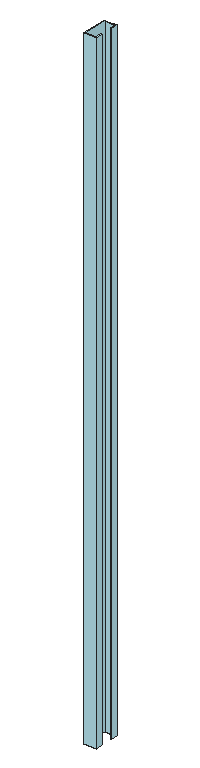
Revit family "hokyozai_40x1-6", category 機械設備, Revit 2022
Family settings
  丸型コネクタ寸法 = 直径を使用
  種別 = なし
  パーツ タイプ = 標準
  作業面ベース = いいえ
  常に垂直 = はい
  ロード時にボイドで切り取り = いいえ
  注釈の向きを維持 = いいえ
  共有 = いいえ
  部屋計算ポイント = いいえ
Parameters
  製造元 = "株式会社桐井製作所"
  既定の高さ = 0 mm
  URL = "https://www.kirii.co.jp/"
  K_長さ(mm) [instance] = 1000 mm
  K_材質 = "SGCC一般用・SGC340~570高強度一般用・SGH340~570高強度一般用"
  K_外形寸法(mm) = "40×20×10×1.6"
  K_品名 = "40補強材×1.6"
  K_名称 = "補強材"
  K_バージョン情報 = "20210524"
  K_めっき付着量 = "Z08"
  K_JIS規格 = "JIS G 3302"
Reference planes
  plane 1 "中心(正面/背面)": y = 0
  plane 2: z = 0
  plane 3 "中心(左/右)": x = 0
  plane 4: z = 1000
  plane 5: y = 40
Forms (mm)
  Extrusion 1, solid
    sketch origin (0, 0, 0) x (1, 0, 0) y (0, 1, 0)
      loop
        line (0, 0) -> (20, 0) -> (20, 10) -> (18.4, 10) -> (18.4, 1.6) -> (1.6, 1.6) -> (1.6, 38.4) -> (18.4, 38.4) -> (18.4, 30) -> (20, 30) -> (20, 40) -> (0, 40) -> (0, 0)
    from 0 to 1000
Dimensions and locks
  "K_長さ(mm)": plane 4 to plane 2
  aligned and locked: level to plane 2
  aligned and locked: plane 4 to Extrusion 1
Automatic sketch dimensions
  Extrusion 1 sketch curve to plane 3 "中心(左/右)" = 0 mm
  plane 1 "中心(正面/背面)" to Extrusion 1 sketch curve = 0 mm
  Extrusion 1 sketch curve to plane 5 = 0 mm
  plane 3 "中心(左/右)" to Extrusion 1 sketch curve = 1.6 mm
  Extrusion 1 sketch curve to plane 1 "中心(正面/背面)" = 10 mm
  Extrusion 1 sketch curve to Extrusion 1 sketch curve = 16.8 mm  (x2)
  Extrusion 1 sketch curve to plane 5 = 1.6 mm
  Extrusion 1 sketch curve to Extrusion 1 sketch curve = 1.6 mm  (x2)
  Extrusion 1 sketch curve to plane 1 "中心(正面/背面)" = 1.6 mm
  Extrusion 1 sketch curve to Extrusion 1 sketch curve = 8.4 mm
